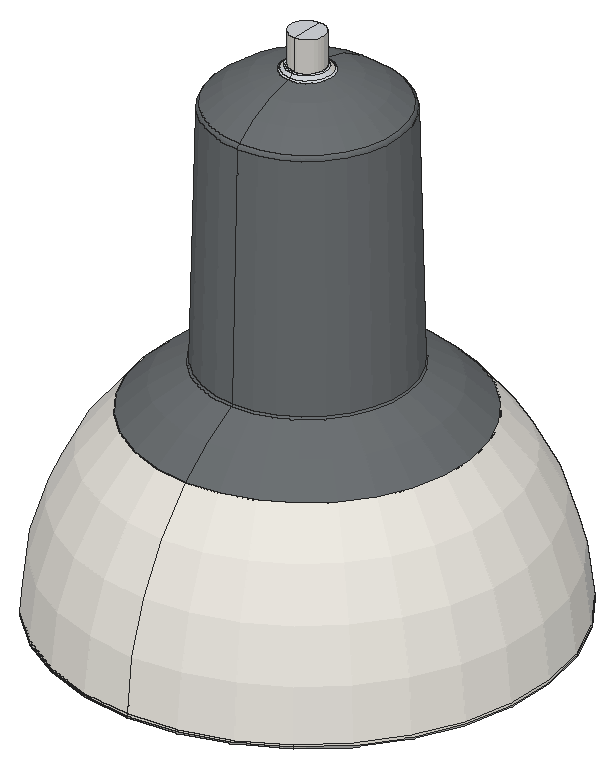
Revit family "Neri_Light Nova_SUN03L-Pooo", category Apparecchi per illuminazione, Revit 2018
Family settings
  Quota connettore circolare = Usa diametro
  Tipo di parte = Normale
  Numero OmniClass = 23.35.47.11
  Basato su piano di lavoro = No
  Sempre verticale = Sì
  Taglio con vuoti quando caricato = No
  Sorgente d'illuminazione = Sì
  Condiviso = No
  Punto di calcolo locali = No
Parameters (values of type "SUN03L_NLG21")
  Diameter = "1' - 2 3/4\""
  Weight = "23.15 lb"
  Wattage = 40.3926 W
  W = "56"
  Voltage = "120-277 V"
  UniFormat II Description = "Lighting and Branch Wiring"
  UniFormat II Code = "D5020"
  URL = "https://www.nerinorthamerica.com/en/products/lighting/lighting-fixtures/light-nova-led-p.aspx?idC=62883&LN=en-US"
  SDCM = "5 Steps"
  Region South America = "All"
  Region Oceania = "All"
  Region North America = "All"
  Region Middle East = "All"
  Region Europe = "All"
  Region Asia = "All"
  Region Africa = "All"
  Produttore = "Neri SpA"
  Product Name = "Light Nova - LED P"
  Product Certification = "UL Standard 1598 (C, US)"
  built-in parameter 1150110 = 1 (stored number, unit not read)
  Painting Steps = "Information about paint steps used in this product in specific technical sheet"
  Painting = "Standard color: Neri Gray on th upper part, White matt RAL 9010 on the lower part - On demand features - Painting:colour of RAL range"
  Overvoltage Protection = "4kV/4kV (differential / common mode)"
  Optics = "NLG21"
  Screen = "Extra-clear transparent flat glass"
  Material Secondary = Aluminum, White Matt RAL 9010
  Luminous Efficacy = "107 Lm/W"
  Luminaire Classification System = "BUG: B1 U0 G1"
  Lighting Distribution/Class = "Asymmetric -Roadways with sidewalk (Type III)"
  LOR = "100 %"
  Immagine tipo = <Nessuno>
  IP = "66"
  Operative Temperature = "-22°F / +104°F"
  OmniClass Description = "Lighting Fixtures"
  OmniClass Code = "23-35 47 11"
  NBS_UniClass2015 Description = "Roadway Lighting Systems"
  NBS_UniClass2015 Code = "Ss_70_80_25_70"
  Modello = "SUN03L-P"
  MasterFormat 2016 Description = "Exterior Lighting"
  MasterFormat 2016 Code = "26 56 00"
  Manufacturer Name = "Neri SpA"
  Manufacturer Country = "Italy"
  Lampada = "LED"
  Installation Instructions = "https://www.nerinorthamerica.com/upl/istruzioni/Z013_0056_005_Nova_LED-P_REV_02.pdf"
  IK = "08"
  Height of Installation = "From 13.5' to 25.5'"
  Height = "1' - 3 3/4\""
  Frequency = "50-60 Hz"
  File diagramma fotometrico = "SUN03L_NLG21.IES"
  built-in parameter 1114217 = 1 (stored number, unit not read)
  built-in parameter 1150109 = 1 (stored number, unit not read)
  Fasteners = "Stainless Steel"
  Estimated Life = "100.000 h (L85 - Ta 25°C)"
  EAN Code = ""
  Design Country = "Italy"
  Description = ""
  Data Sheet = "https://www.nerinorthamerica.com/supporto/DownloadNeri.ashx?f=SUN03LUS.pdf&LN=en-US"
  Control = "COD 02= 1-10V + NCL"
  Connection = "Suspended installation with threaded tube (G 3/4\")"
  built-in parameter 1150134 = 12
  built-in parameter 1150113 = 1 (stored number, unit not read)
  Lumens = 6000 lm
  built-in parameter 1150115 = 1 (stored number, unit not read)
  built-in parameter 1150105 = 477.46 (stored number, unit not read)
  built-in parameter 1150137 = 1
  built-in parameter 1150139 = (empty or 0)
  built-in parameter 1150112 = 1 (stored number, unit not read)
  built-in parameter 1150114 = 1 (stored number, unit not read)
  built-in parameter 1150132 = 2
  built-in parameter 1150102 = (empty or 0)
  built-in parameter 1150138 = (empty or 0)
  built-in parameter 1150107 = 4000 (stored number, unit not read)
  built-in parameter 1150106 = 4.7746 (stored number, unit not read)
  built-in parameter 1150104 = 13.8 (stored number, unit not read)
  Dimming Lamp Color Temperature Shift = (empty or 0)
  Color Filter = 16777215
  built-in parameter 1114218 = 1 (stored number, unit not read)
  Material Main = Die-Cast  Aluminum
  Assembly Code = ""
  Class IES = "Full CutOff"
  CRI = ">70"
  EPA = "0.753 ft²"
  Tilt Angle = 90.00°
  built-in parameter 1150133 = 10 (stored number, unit not read)
Types (7, lengths in mm): name | Optics | Luminaire Classification System | Lighting Distribution/Class | File diagramma fotometrico
  (no name) | "NLG21" | "BUG: B1 U0 G1" | "Asymmetric -Roadways with sidewalk (Type III)" | "SUN03L_NLG21.IES"
  SUN03L_NLG17 | "NLG17" | "BUG: B1 U0 G1" | "Asymmetric - Roadways - mixed areas (Type IV)" | "SUN03L_NLG17.IES"
  SUN03L_NLG18 | "NLG18" | "BUG: B2 U0 G0" | "Rotosymmetrical - Mixed areas (Type V)" | "SUN03L_NLG18.IES"
  SUN03L_NLG19 | "NLG19" | "BUG: B2 U0 G2" | "Asymmetric -Roadways - Center road installation (Type I)" | "SUN03L_NLG19.IES"
  SUN03L_NLG20 | "NLG20" | "BUG: B2 U0 G1" | "Asymmetric -Roadways - Side road installation (Type II)" | "SUN03L_NLG20.IES"
  SUN03L_NLG21 | "NLG21" | "BUG: B1 U0 G1" | "Asymmetric -Roadways with sidewalk (Type III)" | "SUN03L_NLG21.IES"
  SUN03L_NLG22 | "NLG22" | "BUG: B1 U0 G1" | "Asymmetric -Roadways with sidewalk (Type III)" | "SUN03L_NLG22.IES"
Reference planes
  plane 1 "Asse sorgente illuminazione (F/B)": y = -210.622
  plane 2: z = 0
  plane 3 "Asse sorgente illuminazione (L/R)": x = -1202.455
  plane 4 "Prospetto sorgente di illuminazione": z = 5000
Forms (mm)
  Revolve 1, solid, material "Die-Cast  Aluminum" <- "Material Main"
    sketch origin (-1202.455, -210.622, 4254.3) x (0, 1, 0) y (0, 0, 1)
      loop
        line (0, 1145.655) -> (-19.545, 1145.655)
        arc (-19.545, 1145.655) -> (-46.979, 1136.766) -> (-70.873, 1120.621) r 103.009
        arc (-70.873, 1120.621) -> (-72.08, 1118.987) -> (-72.556, 1117.012) r 5.115
        line (-72.556, 1117.012) -> (-77.475, 929.158)
        arc (-77.475, 929.158) -> (-77.821, 928.108) -> (-78.69, 927.423) r 1.918
        arc (-78.69, 927.423) -> (-104.062, 911.77) -> (-126.426, 892.058) r 175.932
        line (-126.426, 892.058) -> (0, 892.058) -> (0, 1145.655)
      axis (0, 1145.655) -> (0, 892.058)
    angle from 0 to 360
  Revolve 2, solid, material "Aluminum, White Matt RAL 9010" <- "Material Secondary"
    sketch origin (-1202.455, -210.622, 4254.3) x (0, 1, 0) y (0, 0, 1)
      loop
        line (-187.415, 745.7) -> (-187.454, 743.983)
        arc (-187.454, 743.983) -> (-187.028, 742.905) -> (-185.96, 742.456) r 1.494
        line (-185.96, 742.456) -> (0, 742.456) -> (0, 892.058) -> (-126.426, 892.058)
        arc (-126.426, 892.058) -> (-170.563, 824.564) -> (-187.415, 745.7) r 220.012
      axis (0, 892.058) -> (0, 742.456)
    angle from 0 to 360
  Revolve 3, void
    sketch origin (-1202.455, -210.622, 4254.3) x (0, 1, 0) y (0, 0, 1)
      loop
        line (0, 742.456) -> (148.09, 742.456) -> (148.09, 752.721) -> (0, 752.721) -> (0, 742.456)
      axis (0, 752.721) -> (0, 742.456)
    angle from 0 to 360
  Revolve 4, solid
    sketch origin (-1202.455, -210.622, 4254.3) x (0, 1, 0) y (0, 0, 1)
      loop
        line (0, 1145.655) -> (0, 1174.456) -> (-13.25, 1174.456) -> (-13.25, 1149.456) -> (-14.379, 1149.456)
        arc (-14.379, 1149.456) -> (-14.953, 1149.342) -> (-15.439, 1149.016) r 1.5
        line (-15.439, 1149.016) -> (-17.972, 1146.484)
        arc (-17.972, 1146.484) -> (-18.696, 1145.95) -> (-19.545, 1145.655) r 3
        line (-19.545, 1145.655) -> (0, 1145.655)
      axis (0, 1145.655) -> (0, 1174.456)
    angle from 0 to 360
Cuts and joins
  Revolve 3 cuts Revolve 2
Dimensions and locks
  aligned and locked: plane 3 "Asse sorgente illuminazione (L/R)" to imposter light
  aligned and locked: plane 1 "Asse sorgente illuminazione (F/B)" to imposter light
  aligned and locked: plane 4 "Prospetto sorgente di illuminazione" to imposter light
  aligned and locked: level to plane 2
